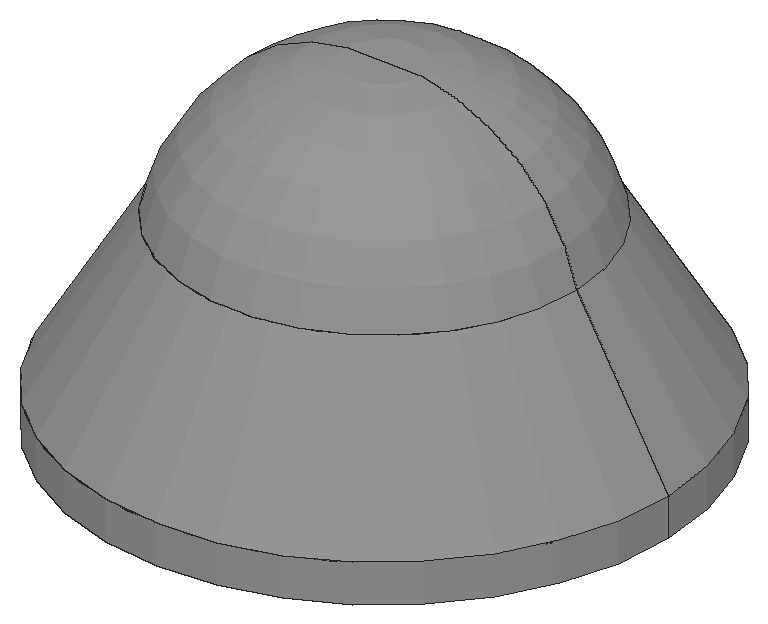
Revit family "HOLM-DOWN_LIGHT_LED_14W_O148+connect_19_4000K", category Lighting Fixtures, host Ceiling, Revit 2021
Family settings
  Host = Ceiling
  Round Connector Dimension = Use Diameter
  Part Type = Normal
  OmniClass Number = 23.80.70.11
  OmniClass Title = Luminaries for Internal Lighting
  Always vertical = Yes
  Cut with Voids When Loaded = No
  Light Source = Yes
  Shared = No
  Room Calculation Point = No
Parameters (values of type "Type 1")
  Wattage = 9.42495 W
  built-in parameter 1150110 = 1 (stored number, unit not read)
  URL = "https://www.lucera.fr/"
  Type de lampe = "LED XC-COB Bridgelux 2630"
  built-in parameter 1114217 = 1 (stored number, unit not read)
  Tilt Angle = 90.00°
  built-in parameter 1150109 = 1 (stored number, unit not read)
  built-in parameter 1150134 = 12
  built-in parameter 1150113 = 1 (stored number, unit not read)
  SDCM = "3"
  Puissance nominale = "14W"
  Photometric Web File = "google_eulumdat_converter.ies"
  Matériau = "Aluminium"
  Manufacturer = "Lucera - Lucera (c) 06/01/2021 16:39:21 +01:00"  # constant formula
  Maintien du flux = "L80B10 (50 000 heures)"
  Lumens = 1400 lm
  built-in parameter 1150115 = 1 (stored number, unit not read)
  built-in parameter 1150105 = 111.41 (stored number, unit not read)
  built-in parameter 1150137 = (empty or 0)
  built-in parameter 1150139 = (empty or 0)
  built-in parameter 1150112 = 1 (stored number, unit not read)
  built-in parameter 1150114 = 1 (stored number, unit not read)
  built-in parameter 1150132 = 2
  built-in parameter 1150102 = (empty or 0)
  built-in parameter 1150138 = (empty or 0)
  built-in parameter 1150107 = 4000 (stored number, unit not read)
  built-in parameter 1150106 = 1.1141 (stored number, unit not read)
  IRC = ">90"
  built-in parameter 1150104 = 13.8 (stored number, unit not read)
  Durée de vie = "50 000 heures"
  Driver = "Driver Lifud TUV CE CCC"
  Dimming Lamp Color Temperature Shift = <None>
  Dimensions = "Ø 148 mm, H = 85 mm"
  Dimension découpe = "Ø 125-140 mm"
  Default Elevation = 0 mm
  Couleur = "Blanc"
  Color Filter = 16777215
  built-in parameter 1114218 = 1 (stored number, unit not read)
  built-in parameter 1150133 = 10 (stored number, unit not read)
  Angle d'éclairage = "60°"
  Alimentation luminaire = "25-40V dc / 350mA"
  Alimentation Driver = "AC 220-240V"
Reference planes
  plane 1 "Light Source Axis (F/B)": y = 0
  plane 2: z = 0
  plane 3 "Light Source Axis (L/R)": x = 0
  plane 4 "Ceiling": z = 4000
  plane 5 "Light Source Elevation": z = 3991.673
Forms (mm)
  Blend 1, solid, material "Aluminum, blanc"
    base sketch origin (0, 0, 4000) x (0, 1, 0) y (-1, 0, 0)
      loop
        circle (0, 0) r 74
    top sketch origin (0, 0, 4000) x (0, 1, 0) y (-1, 0, 0)
      loop
        circle (0, 0) r 50
    from 0 to 39.386
  Extrusion 2, solid, material "Aluminum, blanc"
    sketch origin (0, 0, 4000) x (0, 1, 0) y (-1, 0, 0)
      loop
        circle (0, 0) r 74
      loop
        circle (0, 0) r 50
    from -10 to 0
  Extrusion 3, solid, material "Glass, White, High Luminance"
    sketch origin (0, 0, 4000) x (0, 1, 0) y (-1, 0, 0)
      loop
        circle (0, 0) r 50
    from -10 to 0
  Revolve 4, solid, material "Aluminum, gris"
    sketch origin (0, 0, 0) x (1, 0, 0) y (0, 0, 1)
      loop
        line (0, 4075) -> (0, 4039.386) -> (50, 4039.386)
        arc (50, 4039.386) -> (31.734, 4066.647) -> (0, 4075) r 46.387
      axis (0, 4075) -> (0, 4039.386)
    angle from 0 to 360
Lines and regions (mm)
  reference lines
    curve 1: line (0, 0, 4000) -> (74, 0, 4000)
    curve 2: line (0, 0, 4000) -> (-74, 0, 4000)
    curve 3: line (0, 0, 3750) -> (0, 0, 3835)
    curve 4: line (0, 0, 3990) -> (0, 0, 4075)
Dimensions and locks
  equal spacing: host sketch curve, plane 3 "Light Source Axis (L/R)", host sketch curve
  equal spacing: host sketch curve, plane 1 "Light Source Axis (F/B)", host sketch curve
  host sketch curve to host sketch curve = 4000 mm  (x2)
  plane 4 "Ceiling" to host ceiling = 0 mm
  aligned and locked: plane 1 "Light Source Axis (F/B)" to imposter light
  aligned and locked: plane 5 "Light Source Elevation" to imposter light
